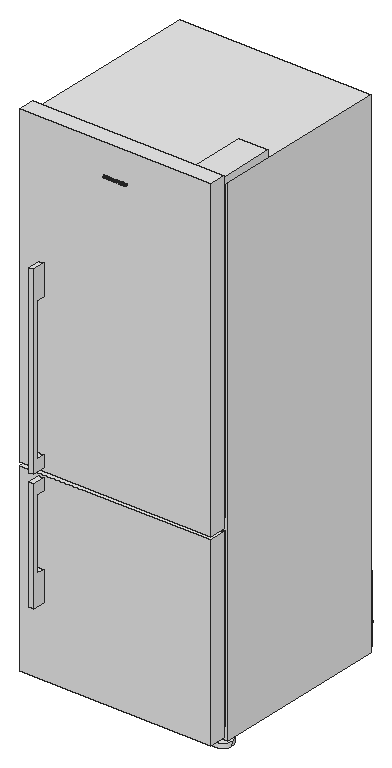
Revit family "Fisher & Paykel Fridge E402BRXFD4", category Generic Models, host Floor, Revit 2013
Parameters
  URL = "www.fisherpaykel.com"
  Model = "E402BRXFD4"
  Manufacturer = "Fisher&Paykel"
  Fridge = Fridge
  Designed by = "www.modlar.com"
  Description = "Fisher&Paykel Fridge E402BRXFD4"
Reference planes
  plane 1 "Center (Front/Back)": y = 0
  plane 2: z = 0
  plane 3 "Center (Left/Right)": x = 0
Dimensions and locks
  equal spacing: host sketch curve, plane 1 "Center (Front/Back)", host sketch curve
  equal spacing: host sketch curve, plane 3 "Center (Left/Right)", host sketch curve
  host sketch curve to host sketch curve = 3048.000 mm  (x2)
  nested 1 to level = 1688.000 mm
  aligned and locked: level to plane 2
Nested families
  nested 1: "E402BLRXFD4" at (0, 0, 0), type "E402BLRXFD4"
Definition of nested family "E402BLRXFD4"
  Parameters (values of type "E402BLRXFD4")
    Width = 635.000 mm
    URL = "www.fisherpaykel.com"
    Manufacturer = "Fisher&Paykel"
    Fridge = Fridge
    Model = "E402BLXFDU4"
    Height = 1715.000 mm
    Description = "Fisher&Paykel Fridge E402BLXFDU4"
    Depth = 665.000 mm
  Reference planes
    plane 1 "Center (Front/Back)": y = 0
    plane 2: z = 0
    plane 3 "Center (Left/Right)": x = 0
    plane 4: x = -317.5
    plane 5: y = 332.5
    plane 6: y = -332.5
    plane 7: x = 317.5
    plane 8: z = 1715
    plane 9: y = -277.5
    plane 10: z = 24
    plane 11: z = 41
    plane 12: z = 629
    plane 13: z = 639
    plane 14: y = -373.5
    plane 15: x = -254.138
    plane 16: x = -239.5
    plane 17: z = 1283.576
    plane 18: z = 648
    plane 19: z = 619
    plane 20: z = 246
    plane 21: z = 1688
    plane 22: y = -107.5
    plane 23: x = 316.5
    plane 24: y = 362.5
    plane 25: z = 255
    plane 26: z = 225
    plane 27: x = -297.5
    plane 28: x = 297.5
    plane 29: z = 85
    plane 30: x = 280
    plane 31: y = 382.5
    plane 32: z = 1709.5
    plane 33: z = 1688
    plane 34: y = -262.3
    plane 35: x = -309.7
    plane 36: x = 309.7
    plane 37: z = 1682.5
    plane 38: z = 686.5
    plane 39: z = 649
    plane 40: z = 63
    plane 41: z = 14
    plane 42: y = -215.5
    plane 43: y = -164.5
    plane 44: x = 283
    plane 45: z = 1610
    plane 46: x = 87.062
    plane 47: z = 1247.676
    plane 48 "Ice": y = -277.7
    plane 49: y = -243.577
    plane 50: y = -174.677
    plane 51: y = 266.823
  Forms (mm)
    Extrusion 1, solid, material "Fridge" <- "Fridge"
      sketch origin (0, 0, 0) x (1, 0, 0) y (0, 1, 0)
        loop
          line (-317, 332.5) -> (-317, -262.3) -> (317, -262.3) -> (317, 332.5) -> (-317, 332.5)
      from 24 to 1688
    Extrusion 2, solid, material "Fridge" <- "Fridge"
      sketch origin (0, 0, 0) x (1, 0, 0) y (0, 0, 1)
        loop
          line (-317.5, 41) -> (317.5, 41) -> (317.5, 653) -> (-317.5, 653) -> (-317.5, 41)
        loop
          line (-317.5, 663) -> (317.5, 663) -> (317.5, 1715) -> (-317.5, 1715) -> (-317.5, 663)
      from 277.5 to 332.5
    Extrusion 3, solid, material "Fridge" <- "Fridge"
      sketch origin (0.362, 0, 0) x (0, 1, 0) y (0, 0, 1)
        loop
          line (-373.5, 1283.576) -> (-373.5, 672.5) -> (-332.5, 672.5) -> (-332.5, 712.5) -> (-359.031, 712.5) -> (-359.031, 1183.576) -> (-332.5, 1183.576) -> (-332.5, 1283.576) -> (-373.5, 1283.576)
        loop
          line (-373.5, 643.5) -> (-373.5, 270.5) -> (-332.5, 270.5) -> (-332.5, 370.5) -> (-359.031, 370.5) -> (-359.031, 603.5) -> (-332.5, 603.5) -> (-332.5, 643.5) -> (-373.5, 643.5)
      from -254.5 to -239.5
    Extrusion 4, solid, material "Fridge" <- "Fridge"
      sketch origin (0, 0, 0) x (0, 1, 0) y (0, 0, 1)
        loop
          line (362.5, 24) -> (362.5, 248.611) -> (332.5, 278.611) -> (332.5, 24) -> (362.5, 24)
      from -297 to 297
    Extrusion 5, solid, material "Fridge" <- "Fridge"
      sketch origin (0, 0, 0) x (0, 1, 0) y (0, 0, 1)
        loop
          line (-277.5, 62.25) -> (-262.3, 62.25) -> (-262.3, 648.25) -> (-277.5, 648.25) -> (-277.5, 62.25)
        loop
          line (-277.5, 685.5) -> (-262.3, 685.5) -> (-262.3, 1682.4) -> (-277.5, 1682.4) -> (-277.5, 685.5)
      from -309.7 to 309.7
    Extrusion 6, solid, material "Fridge" <- "Fridge"
      sketch origin (0, -15.277, 0) x (1, 0, 0) y (0, 1, 0)
        loop
          circle (-288, -228.3) r 5
        loop
          circle (288, -228.3) r 5
      from 14 to 24
    Extrusion 7, solid, material "Fridge" <- "Fridge"
      sketch origin (0, -15.381, 0) x (1, 0, 0) y (0, 1, 0)
        loop
          circle (-288, -228.3) r 30
        loop
          circle (288, -228.3) r 30
      from 0 to 14
    Extrusion 8, solid, material "Fridge" <- "Fridge"
      sketch origin (0, -2.38, 0.038) x (0, 1, 0) y (0, 0, 1)
        loop
          line (-148.297, 24) -> (-196.297, 24)
          arc (-196.297, 24) -> (-172.297, 0) -> (-148.297, 24) r 24
        loop
          arc (245.203, 24) -> (269.203, 0) -> (293.203, 24) r 24
          line (293.203, 24) -> (245.203, 24)
      from 248 to 265
    Extrusion 9, solid, material "Fridge" <- "Fridge"
      sketch origin (0, -2.342, 0) x (0, 1, 0) y (0, 0, -1)
        loop
          arc (-148.335, -24) -> (-172.335, 0) -> (-196.335, -24) r 24
          line (-196.335, -24) -> (-148.335, -24)
        loop
          line (245.165, -24) -> (293.165, -24)
          arc (293.165, -24) -> (269.165, 0) -> (245.165, -24) r 24
      from 248 to 265
    Extrusion 10, solid, material "Fridge" <- "Fridge"
      sketch origin (0, 0, 0) x (1, 0, 0) y (0, 1, 0)
        loop
          line (218.9, -92.5) -> (218.9, -277.5) -> (315.9, -277.5) -> (315.9, -92.5) -> (218.9, -92.5)
      from 1688 to 1709.5
    Extrusion 11, solid, material "Fridge" <- "Fridge"
      sketch origin (-0.486, 0, 0) x (1, 0, 0) y (0, 0, 1)
        loop
          circle (280, 85) r 5
      from -362.5 to -382.5
  Dimensions and locks
    equal spacing: plane 4, plane 3 "Center (Left/Right)", plane 7
    equal spacing: plane 5, plane 1 "Center (Front/Back)", plane 6
    "Depth": plane 5 to plane 6
    "Width": plane 4 to plane 7
    "Height": plane 8 to level
    plane 13 to plane 12 to plane 11 to plane 10 to level = 10.000 mm, 588.000 mm, 17.000 mm, 24.000 mm
    plane 14 to plane 6 = 41.000 mm
    plane 4 to plane 15 to plane 16 = 63.362 mm, 14.638 mm
    plane 21 to level = 1688.000 mm
    plane 22 to plane 9 = 170.000 mm
    plane 23 to plane 7 = 1.000 mm
    plane 24 to plane 6 = 695.000 mm
    level to plane 26 to plane 25 = 225.000 mm, 30.000 mm
    plane 4 to plane 27 = 20.000 mm
    plane 7 to plane 28 = 20.000 mm
    plane 29 to plane 10 = 61.000 mm
    plane 30 to plane 28 = 17.500 mm
    plane 31 to plane 24 = 20.000 mm
    plane 8 to plane 32 to plane 33 = 5.500 mm, 21.500 mm
    plane 34 to plane 9 = 15.200 mm
    plane 4 to plane 35 = 7.800 mm
    plane 7 to plane 36 = 7.800 mm
    plane 21 to plane 37 to plane 38 to plane 39 to plane 40 = 5.500 mm, 996.000 mm, 37.500 mm, 586.000 mm
    plane 10 to plane 41 = 10.000 mm
    plane 42 to plane 34 = 46.800 mm
    plane 6 to plane 9 to plane 34 = 55.000 mm, 15.200 mm
    plane 34 to plane 5 = 594.800 mm
    plane 20 to level = 246.000 mm
    plane 19 to level = 619.000 mm
    plane 12 to level = 629.000 mm
    plane 13 to level = 639.000 mm
    level to plane 18 = 648.000 mm
    level to plane 17 = 1283.576 mm
    plane 8 to plane 45 = 105.000 mm
    plane 4 to plane 15 = 63.362 mm
    plane 46 to Extrusion 2 = 404.562 mm
    plane 8 to plane 17 = 431.424 mm
    Extrusion 3 to Extrusion 3 = 611.076 mm
    Extrusion 3 to Extrusion 3 = 373.000 mm
    Extrusion 3 sketch curve to Extrusion 3 sketch curve = 100.000 mm
    Extrusion 2 to plane 47 = 467.324 mm
    plane 51 to plane 50 to plane 49 = 441.500 mm, 68.900 mm locked
    aligned and locked: plane 2 to level
    aligned and locked: Extrusion 1 sketch curve to plane 5
    aligned and locked: Extrusion 1 to plane 10
    aligned and locked: Extrusion 2 sketch curve to plane 11
    aligned and locked: Extrusion 2 sketch curve to plane 4  (x2)
    aligned and locked: Extrusion 2 sketch curve to plane 7
    aligned and locked: plane 14 to Extrusion 3 sketch curve  (x2)
    aligned and locked: Extrusion 3 sketch curve to plane 6  (x2)
    aligned and locked: plane 21 to Extrusion 1
    aligned and locked: Extrusion 2 sketch curve to plane 8
    aligned and locked: plane 24 to Extrusion 4 sketch curve
    aligned and locked: plane 10 to Extrusion 4 sketch curve
    aligned and locked: plane 5 to Extrusion 4 sketch curve
    aligned and locked: Extrusion 1 sketch curve to plane 34
    aligned and locked: plane 9 to Extrusion 5 sketch curve  (x2)
    aligned and locked: Extrusion 5 sketch curve to plane 34  (x2)
    aligned and locked: Extrusion 6 to Extrusion 1
    aligned and locked: plane 41 to Extrusion 6
    aligned and locked: Extrusion 7 to level
    aligned and locked: Extrusion 7 to Extrusion 6
    aligned and locked: plane 6 to Extrusion 2
    aligned and locked: Extrusion 10 to Extrusion 1
  Automatic sketch dimensions
    plane 4 to Extrusion 1 sketch curve = 0.500 mm
    plane 7 to Extrusion 1 sketch curve = 0.500 mm
    plane 7 to Extrusion 2 sketch curve = 0.000 mm
    Extrusion 2 sketch curve to plane 39 = 4.000 mm
    Extrusion 2 sketch curve to Extrusion 2 sketch curve = 10.000 mm
    Extrusion 3 sketch curve to plane 6 = 0.000 mm  (x2)
    plane 17 to Extrusion 3 sketch curve = 0.000 mm
    plane 14 to Extrusion 3 sketch curve = 14.469 mm  (x2)
    Extrusion 3 sketch curve to plane 38 = 26.000 mm
    plane 38 to Extrusion 3 sketch curve = 14.000 mm
    plane 13 to Extrusion 3 sketch curve = 4.500 mm
    plane 19 to Extrusion 3 sketch curve = 15.500 mm
    Extrusion 3 sketch curve to plane 25 = 115.500 mm
    Extrusion 3 sketch curve to plane 25 = 15.500 mm
    Extrusion 4 sketch curve to plane 20 = 2.611 mm
    Extrusion 4 sketch curve to plane 25 = 23.611 mm
    plane 40 to Extrusion 5 sketch curve = 0.750 mm
    Extrusion 5 sketch curve to plane 18 = 0.250 mm
    plane 38 to Extrusion 5 sketch curve = 1.000 mm
    plane 37 to Extrusion 5 sketch curve = 0.100 mm
    plane 49 to Extrusion 6 sketch curve = 0.000 mm  (x2)
    plane 27 to Extrusion 6 sketch curve = 9.500 mm
    plane 44 to Extrusion 6 sketch curve = 5.000 mm
    plane 49 to Extrusion 7 sketch curve = 0.104 mm  (x2)
    plane 27 to Extrusion 7 sketch curve = 9.500 mm
    plane 44 to Extrusion 7 sketch curve = 5.000 mm
    plane 10 to Extrusion 8 sketch curve = 0.038 mm  (x2)
    Extrusion 8 sketch curve to plane 42 = 16.823 mm
    Extrusion 8 sketch curve to plane 50 = 0.000 mm
    Extrusion 8 sketch curve to plane 51 = 0.000 mm
    plane 51 to Extrusion 8 sketch curve = 24.000 mm
    Extrusion 9 sketch curve to plane 10 = 0.000 mm  (x2)
    Extrusion 9 sketch curve to plane 42 = 16.823 mm
    Extrusion 9 sketch curve to plane 50 = 0.000 mm
    Extrusion 9 sketch curve to plane 51 = 0.000 mm
    plane 51 to Extrusion 9 sketch curve = 24.000 mm
    plane 9 to Extrusion 10 sketch curve = 0.000 mm
    Extrusion 10 sketch curve to plane 30 = 61.100 mm
    plane 22 to Extrusion 10 sketch curve = 15.000 mm
    Extrusion 10 sketch curve to plane 23 = 0.600 mm
    Extrusion 11 sketch curve to plane 29 = 0.000 mm
    Extrusion 11 sketch curve to plane 30 = 0.486 mm
    radius of Extrusion 6 sketch curve = 5.000 mm  (x2)
    radius of Extrusion 7 sketch curve = 30.000 mm  (x2)
    radius of Extrusion 11 sketch curve = 5.000 mm
  Nested families
    nested 1: "FP_logo80mm" at (-0.05, -332.5, 1610) x (1, 0, 0) z (0, -1, 0), type "FP_logo80mm"
  Definition of nested family "FP_logo80mm"
    Parameters (values of type "FP_logo80mm")
      thickness = 0.519 mm
      LOGO = logo
      Default Elevation = 1219.200 mm
    Reference planes
      plane 1 "Center (Front/Back)": y = 0
      plane 2: z = 0
      plane 3 "Center (Left/Right)": x = 0
      plane 4: x = -40
      plane 5: x = 40
    Forms (mm)
      Extrusion 1, solid
        sketch origin (0, 0, 0) x (1, 0, 0) y (0, 1, 0)
          loop
            line (-1219.2, 1219.2) -> (-1219.2, -1219.2) -> (1219.2, -1219.2) -> (1219.2, 1219.2) -> (-1219.2, 1219.2)
        from 0 to -304.8
      Extrusion 2, solid, material "logo" <- "LOGO"
        sketch origin (0, 0, 0) x (1, 0, 0) y (0, 1, 0)
          loop
            line (-39.973, 0) -> (-38.149, 0) -> (-37.324, 3.12) -> (-33.095, 3.12) -> (-32.769, 4.326) -> (-36.997, 4.326) -> (-36.455, 6.388) -> (-31.999, 6.388) -> (-31.672, 7.594) -> (-37.95, 7.594) -> (-39.973, 0)
          loop
            line (-33.174, 0) -> (-31.565, 0) -> (-30.155, 5.317) -> (-31.766, 5.317) -> (-33.174, 0)
          loop
            line (-31.153, 7.594) -> (-31.452, 6.503) -> (-29.842, 6.503) -> (-29.544, 7.594) -> (-31.153, 7.594)
          loop
            arc (-21.859, 3.41) -> (-20.516, 4.334) -> (-19.01, 3.711) r 1.707
            line (-19.01, 3.711) -> (-19.991, 0) -> (-18.382, 0) -> (-17.426, 3.618)
            arc (-17.426, 3.618) -> (-17.311, 4.103) -> (-17.426, 4.587) r 1.08
            arc (-17.426, 4.587) -> (-19.536, 5.409) -> (-21.585, 4.441) r 2.865
            line (-21.585, 4.441) -> (-20.746, 7.594) -> (-22.354, 7.594) -> (-24.375, 0) -> (-22.766, 0) -> (-21.859, 3.41)
          loop
            arc (-24.147, 3.86) -> (-24.152, 4.809) -> (-24.955, 5.317) r 0.989
            arc (-24.955, 5.317) -> (-26.921, 5.544) -> (-28.852, 5.113) r 5.952
            arc (-28.852, 5.113) -> (-29.51, 4.665) -> (-29.925, 3.985) r 1.892
            arc (-29.925, 3.985) -> (-29.93, 2.873) -> (-28.984, 2.287) r 1.139
            line (-28.984, 2.287) -> (-26.851, 2.194)
            arc (-26.851, 2.194) -> (-26.315, 1.457) -> (-26.993, 0.846) r 0.681
            line (-26.993, 0.846) -> (-28.246, 0.846)
            arc (-28.246, 0.846) -> (-28.752, 1.017) -> (-28.974, 1.502) r 0.672
            line (-28.974, 1.502) -> (-30.625, 1.526)
            arc (-30.625, 1.526) -> (-30.634, 0.738) -> (-30.121, 0.141) r 1.115
            arc (-30.121, 0.141) -> (-28.06, -0.087) -> (-26, 0.141) r 9.428
            arc (-26, 0.141) -> (-25.075, 0.727) -> (-24.489, 1.651) r 2.496
            arc (-24.489, 1.651) -> (-24.51, 2.62) -> (-25.339, 3.123) r 1.007
            line (-25.339, 3.123) -> (-27.936, 3.236)
            arc (-27.936, 3.236) -> (-28.346, 3.457) -> (-28.426, 3.915) r 0.534
            arc (-28.426, 3.915) -> (-27.05, 4.513) -> (-25.7, 3.86) r 1.798
            line (-25.7, 3.86) -> (-24.147, 3.86)
          loop
            line (-11.007, 2.426) -> (-10.727, 3.991)
            arc (-10.727, 3.991) -> (-11.116, 4.929) -> (-12.053, 5.317) r 1.326
            line (-12.053, 5.317) -> (-14.377, 5.317)
            arc (-14.377, 5.317) -> (-17.024, 3.101) -> (-15.507, 0) r 2.8
            arc (-15.507, 0) -> (-13.123, 0.051) -> (-11.264, 1.545) r 3.705
            line (-11.264, 1.545) -> (-12.783, 1.704)
            arc (-12.783, 1.704) -> (-14.548, 0.858) -> (-15.72, 2.426) r 1.541
            line (-15.72, 2.426) -> (-11.007, 2.426)
          loop
            line (-15.279, 3.222) -> (-12.375, 3.222)
            arc (-12.375, 3.222) -> (-13.827, 4.4) -> (-15.279, 3.222) r 1.484
          loop
            line (-10.979, 0) -> (-9.368, 0) -> (-8.545, 3.13)
            arc (-8.545, 3.13) -> (-7.593, 4.145) -> (-6.522, 3.257) r 1.015
            line (-6.522, 3.257) -> (-5.013, 3.257)
            arc (-5.013, 3.257) -> (-4.831, 4.255) -> (-5.224, 5.189) r 1.778
            arc (-5.224, 5.189) -> (-6.913, 5.358) -> (-8.325, 4.416) r 2.516
            line (-8.325, 4.416) -> (-7.961, 5.317) -> (-9.57, 5.317) -> (-10.979, 0)
          loop
            line (1.496, 3.051) -> (1.247, 2.119) -> (-0.805, 3.782)
            arc (-0.805, 3.782) -> (0.502, 3.925) -> (1.741, 4.363) r 5.69
            arc (1.741, 4.363) -> (2.199, 5.036) -> (2.337, 5.838) r 1.914
            arc (2.337, 5.838) -> (2.124, 6.385) -> (1.623, 6.689) r 0.914
            arc (1.623, 6.689) -> (0.05, 6.862) -> (-1.522, 6.689) r 7.232
            arc (-1.522, 6.689) -> (-2.247, 6.331) -> (-2.726, 5.679) r 1.704
            arc (-2.726, 5.679) -> (-2.957, 4.751) -> (-2.433, 3.951) r 1.195
            arc (-2.433, 3.951) -> (-3.605, 3.599) -> (-4.496, 2.76) r 2.656
            line (-4.496, 2.76) -> (-4.868, 1.542)
            arc (-4.868, 1.542) -> (-4.563, 0.454) -> (-3.528, 0) r 1.321
            arc (-3.528, 0) -> (-1.911, -0.118) -> (-0.293, 0) r 11.162
            arc (-0.293, 0) -> (0.658, 0.288) -> (1.483, 0.841) r 3.362
            line (1.483, 0.841) -> (2.546, 0) -> (3.313, 0.589) -> (1.987, 1.517)
            arc (1.987, 1.517) -> (2.291, 2.263) -> (2.456, 3.051) r 4.421
            line (2.456, 3.051) -> (1.496, 3.051)
          loop
            line (0.858, 1.329) -> (-1.93, 3.55)
            arc (-1.93, 3.55) -> (-3.097, 3.251) -> (-3.67, 2.191) r 1.502
            arc (-3.67, 2.191) -> (-3.639, 1.098) -> (-2.689, 0.559) r 1.112
            arc (-2.689, 0.559) -> (-0.837, 0.579) -> (0.858, 1.329) r 4.604
          loop
            arc (9.287, 2.448) -> (10.862, 2.797) -> (12.142, 3.779) r 3.728
            arc (12.142, 3.779) -> (12.63, 5.046) -> (12.833, 6.388) r 6.271
            arc (12.833, 6.388) -> (12.012, 7.359) -> (10.762, 7.594) r 1.901
            line (10.762, 7.594) -> (5.721, 7.594) -> (3.7, 0) -> (5.522, 0) -> (6.177, 2.448) -> (9.287, 2.448)
          loop
            line (7.217, 6.388) -> (6.505, 3.7) -> (9.019, 3.7)
            arc (9.019, 3.7) -> (9.752, 3.81) -> (10.42, 4.13) r 2.5
            line (10.42, 4.13) -> (10.851, 5.315)
            arc (10.851, 5.315) -> (10.537, 6.074) -> (9.778, 6.388) r 1.073
            line (9.778, 6.388) -> (7.217, 6.388)
          loop
            arc (14.178, 3.779) -> (14.386, 4.281) -> (14.888, 4.489) r 0.71
            arc (14.888, 4.489) -> (15.608, 4.553) -> (16.327, 4.489) r 4.081
            arc (16.327, 4.489) -> (16.761, 4.143) -> (16.709, 3.59) r 0.584
            line (16.709, 3.59) -> (16.454, 2.634)
            arc (16.454, 2.634) -> (14.254, 3.318) -> (12.121, 2.448) r 3.413
            arc (12.121, 2.448) -> (11.689, 1.04) -> (12.731, 0) r 1.427
            arc (12.731, 0) -> (14.479, -0.029) -> (16.064, 0.709) r 3.9
            line (16.064, 0.709) -> (15.513, -0.079) -> (17.382, 0) -> (18.307, 3.473)
            arc (18.307, 3.473) -> (18.406, 4.484) -> (17.676, 5.192) r 1.171
            arc (17.676, 5.192) -> (15.894, 5.513) -> (14.094, 5.317) r 6.337
            arc (14.094, 5.317) -> (13.178, 4.696) -> (12.556, 3.779) r 2.937
            line (12.556, 3.779) -> (14.178, 3.779)
          loop
            line (19.502, 0) -> (20.518, 0)
            arc (20.518, 0) -> (19.648, -1.072) -> (18.307, -1.401) r 2.165
            line (18.307, -1.401) -> (18.051, -2.334)
            arc (18.051, -2.334) -> (20.306, -2.036) -> (21.81, -0.331) r 3.242
            line (21.81, -0.331) -> (25.057, 5.317) -> (23.391, 5.317) -> (20.897, 0.831) -> (20.443, 5.317) -> (18.735, 5.317) -> (19.502, 0)
          loop
            line (26.487, 3.246) -> (27.638, 7.594) -> (26.03, 7.594) -> (24.008, 0) -> (25.618, 0) -> (26.243, 2.356) -> (28.165, 0) -> (30.144, 0) -> (28.11, 2.812) -> (31.085, 5.317) -> (29.234, 5.317) -> (26.487, 3.246)
          loop
            line (38.418, 7.594) -> (36.396, 0) -> (38.006, 0) -> (40.027, 7.594) -> (38.418, 7.594)
          loop
            line (36.424, 2.426) -> (36.704, 3.991)
            arc (36.704, 3.991) -> (36.316, 4.929) -> (35.378, 5.317) r 1.326
            line (35.378, 5.317) -> (33.054, 5.317)
            arc (33.054, 5.317) -> (30.407, 3.101) -> (31.924, 0) r 2.8
            arc (31.924, 0) -> (34.308, 0.051) -> (36.168, 1.545) r 3.705
            line (36.168, 1.545) -> (34.649, 1.704)
            arc (34.649, 1.704) -> (32.884, 0.858) -> (31.712, 2.426) r 1.541
            line (31.712, 2.426) -> (36.424, 2.426)
          loop
            line (32.153, 3.222) -> (35.057, 3.222)
            arc (35.057, 3.222) -> (33.605, 4.4) -> (32.153, 3.222) r 1.484
          loop
            arc (-1.277, 4.164) -> (0.093, 4.363) -> (1.244, 5.131) r 3.139
            arc (1.244, 5.131) -> (1.322, 5.648) -> (1.056, 6.098) r 0.779
            arc (1.056, 6.098) -> (-0.009, 6.236) -> (-1.073, 6.098) r 4.172
            arc (-1.073, 6.098) -> (-2.001, 5.218) -> (-1.277, 4.164) r 0.984
          loop
            spline (12.885, 1.386) -> (12.958, 1.19) -> (13.135, 1.017) -> (13.405, 0.878) -> (13.749, 0.784) -> (14.143, 0.74) -> (14.562, 0.75) -> (14.976, 0.813) -> (15.357, 0.925) -> (15.68, 1.077) -> (15.921, 1.261) -> (16.066, 1.462) -> (16.103, 1.668)
            spline (16.103, 1.668) -> (16.03, 1.864) -> (15.853, 2.038) -> (15.584, 2.176) -> (15.24, 2.27) -> (14.845, 2.314) -> (14.426, 2.304) -> (14.012, 2.241) -> (13.631, 2.13) -> (13.308, 1.977) -> (13.067, 1.794) -> (12.923, 1.592) -> (12.885, 1.386)
        from 0 to 0.519
    Dimensions and locks
      "thickness": Extrusion 2 to plane 2
      equal spacing: plane 4, plane 3 "Center (Left/Right)", plane 5
      plane 4 to plane 5 = 80.000 mm
      aligned and locked: plane 2 to Extrusion 1
      aligned and locked: level to Extrusion 1
    Automatic sketch dimensions
      Extrusion 1 sketch curve to Extrusion 1 sketch curve = 2438.400 mm  (x2)
      plane 1 "Center (Front/Back)" to Extrusion 2 sketch curve = 0.000 mm  (x19)
      plane 4 to Extrusion 2 sketch curve = 0.027 mm
      plane 1 "Center (Front/Back)" to Extrusion 2 sketch curve = 2.334 mm
      Extrusion 2 sketch curve to Extrusion 2 sketch curve = 1.823 mm
      plane 4 to Extrusion 2 sketch curve = 2.050 mm
      plane 4 to Extrusion 2 sketch curve = 2.676 mm
      Extrusion 2 sketch curve to Extrusion 2 sketch curve = 0.327 mm  (x2)
      Extrusion 2 sketch curve to Extrusion 2 sketch curve = 1.495 mm
      Extrusion 2 sketch curve to Extrusion 2 sketch curve = 4.975 mm
      Extrusion 2 sketch curve to Extrusion 2 sketch curve = 0.079 mm
      Extrusion 2 sketch curve to Extrusion 2 sketch curve = 0.326 mm
      Extrusion 2 sketch curve to Extrusion 2 sketch curve = 0.770 mm
      Extrusion 2 sketch curve to Extrusion 2 sketch curve = 0.233 mm
      Extrusion 2 sketch curve to Extrusion 2 sketch curve = 1.609 mm  (x3)
      Extrusion 2 sketch curve to Extrusion 2 sketch curve = 0.548 mm
      Extrusion 2 sketch curve to Extrusion 2 sketch curve = 0.520 mm
      Extrusion 2 sketch curve to plane 1 "Center (Front/Back)" = 1.526 mm
      Extrusion 2 sketch curve to Extrusion 2 sketch curve = 0.941 mm
      Extrusion 2 sketch curve to Extrusion 2 sketch curve = 1.611 mm  (x2)
      Extrusion 2 sketch curve to Extrusion 2 sketch curve = 0.313 mm
      Extrusion 2 sketch curve to Extrusion 2 sketch curve = 0.298 mm
      Extrusion 2 sketch curve to plane 1 "Center (Front/Back)" = 2.287 mm
      Extrusion 2 sketch curve to Extrusion 2 sketch curve = 1.641 mm
      Extrusion 2 sketch curve to plane 1 "Center (Front/Back)" = 1.502 mm
      Extrusion 2 sketch curve to Extrusion 2 sketch curve = 0.009 mm
      Extrusion 2 sketch curve to Extrusion 2 sketch curve = 0.728 mm
      Extrusion 2 sketch curve to plane 1 "Center (Front/Back)" = 3.236 mm
      Extrusion 2 sketch curve to Extrusion 2 sketch curve = 1.048 mm
      Extrusion 2 sketch curve to Extrusion 2 sketch curve = 1.253 mm  (x2)
      Extrusion 2 sketch curve to plane 1 "Center (Front/Back)" = 2.194 mm
      Extrusion 2 sketch curve to Extrusion 2 sketch curve = 0.142 mm
      Extrusion 2 sketch curve to Extrusion 2 sketch curve = 1.152 mm
      Extrusion 2 sketch curve to plane 1 "Center (Front/Back)" = 3.123 mm
      Extrusion 2 sketch curve to Extrusion 2 sketch curve = 0.361 mm
      Extrusion 2 sketch curve to Extrusion 2 sketch curve = 2.618 mm
      Extrusion 2 sketch curve to Extrusion 2 sketch curve = 1.192 mm
      Extrusion 2 sketch curve to plane 1 "Center (Front/Back)" = 7.594 mm
      Extrusion 2 sketch curve to Extrusion 2 sketch curve = 1.793 mm
      Extrusion 2 sketch curve to plane 1 "Center (Front/Back)" = 3.410 mm
      Extrusion 2 sketch curve to Extrusion 2 sketch curve = 2.288 mm
      Extrusion 2 sketch curve to plane 1 "Center (Front/Back)" = 4.441 mm
      Extrusion 2 sketch curve to Extrusion 2 sketch curve = 0.274 mm
      Extrusion 2 sketch curve to Extrusion 2 sketch curve = 1.608 mm  (x2)
      Extrusion 2 sketch curve to Extrusion 2 sketch curve = 2.776 mm
      Extrusion 2 sketch curve to plane 1 "Center (Front/Back)" = 3.711 mm
      Extrusion 2 sketch curve to Extrusion 2 sketch curve = 2.574 mm
      Extrusion 2 sketch curve to plane 1 "Center (Front/Back)" = 3.618 mm
      Extrusion 2 sketch curve to Extrusion 2 sketch curve = 1.584 mm
      Extrusion 2 sketch curve to Extrusion 2 sketch curve = 1.706 mm
      Extrusion 2 sketch curve to Extrusion 2 sketch curve = 0.441 mm  (x2)
      Extrusion 2 sketch curve to Extrusion 2 sketch curve = 0.902 mm
      Extrusion 2 sketch curve to plane 1 "Center (Front/Back)" = 1.704 mm  (x2)
      Extrusion 2 sketch curve to Extrusion 2 sketch curve = 2.496 mm  (x2)
      Extrusion 2 sketch curve to Extrusion 2 sketch curve = 0.408 mm  (x3)
      Extrusion 2 sketch curve to Extrusion 2 sketch curve = 0.322 mm  (x2)
      Extrusion 2 sketch curve to plane 1 "Center (Front/Back)" = 1.545 mm  (x2)
      Extrusion 2 sketch curve to Extrusion 2 sketch curve = 1.519 mm  (x2)
      Extrusion 2 sketch curve to Extrusion 2 sketch curve = 0.257 mm  (x2)
      Extrusion 2 sketch curve to Extrusion 2 sketch curve = 0.285 mm
      Extrusion 2 sketch curve to plane 1 "Center (Front/Back)" = 3.991 mm
      Extrusion 2 sketch curve to Extrusion 2 sketch curve = 1.326 mm  (x2)
      Extrusion 2 sketch curve to Extrusion 2 sketch curve = 1.157 mm
      Extrusion 2 sketch curve to plane 1 "Center (Front/Back)" = 3.130 mm
      Extrusion 2 sketch curve to Extrusion 2 sketch curve = 2.183 mm
      Extrusion 2 sketch curve to plane 1 "Center (Front/Back)" = 4.416 mm
      Extrusion 2 sketch curve to Extrusion 2 sketch curve = 0.219 mm
      Extrusion 2 sketch curve to Extrusion 2 sketch curve = 0.364 mm
      Extrusion 2 sketch curve to Extrusion 2 sketch curve = 2.023 mm
      Extrusion 2 sketch curve to Extrusion 2 sketch curve = 1.509 mm
      Extrusion 2 sketch curve to plane 1 "Center (Front/Back)" = 1.542 mm
      Extrusion 2 sketch curve to Extrusion 2 sketch curve = 0.145 mm
      Extrusion 2 sketch curve to Extrusion 2 sketch curve = 0.517 mm
      Extrusion 2 sketch curve to plane 3 "Center (Left/Right)" = 1.930 mm
      Extrusion 2 sketch curve to plane 3 "Center (Left/Right)" = 0.805 mm
      plane 3 "Center (Left/Right)" to Extrusion 2 sketch curve = 0.858 mm
      Extrusion 2 sketch curve to Extrusion 2 sketch curve = 0.389 mm
      Extrusion 2 sketch curve to Extrusion 2 sketch curve = 0.625 mm  (x2)
      Extrusion 2 sketch curve to Extrusion 2 sketch curve = 0.249 mm
      Extrusion 2 sketch curve to Extrusion 2 sketch curve = 0.504 mm
      Extrusion 2 sketch curve to Extrusion 2 sketch curve = 0.959 mm
      Extrusion 2 sketch curve to Extrusion 2 sketch curve = 1.063 mm
      Extrusion 2 sketch curve to plane 1 "Center (Front/Back)" = 0.589 mm
      Extrusion 2 sketch curve to Extrusion 2 sketch curve = 0.766 mm
      Extrusion 2 sketch curve to Extrusion 2 sketch curve = 0.388 mm
      Extrusion 2 sketch curve to Extrusion 2 sketch curve = 1.821 mm
      Extrusion 2 sketch curve to Extrusion 2 sketch curve = 3.265 mm
      Extrusion 2 sketch curve to Extrusion 2 sketch curve = 0.655 mm
      Extrusion 2 sketch curve to Extrusion 2 sketch curve = 0.328 mm
      Extrusion 2 sketch curve to Extrusion 2 sketch curve = 1.496 mm
      Extrusion 2 sketch curve to Extrusion 2 sketch curve = 2.514 mm
      Extrusion 2 sketch curve to Extrusion 2 sketch curve = 0.267 mm
      Extrusion 2 sketch curve to Extrusion 2 sketch curve = 0.492 mm
      Extrusion 2 sketch curve to plane 1 "Center (Front/Back)" = 4.130 mm
      Extrusion 2 sketch curve to Extrusion 2 sketch curve = 0.642 mm
      Extrusion 2 sketch curve to Extrusion 2 sketch curve = 0.983 mm
      Extrusion 2 sketch curve to plane 1 "Center (Front/Back)" = 5.315 mm
      Extrusion 2 sketch curve to Extrusion 2 sketch curve = 1.073 mm
      Extrusion 2 sketch curve to Extrusion 2 sketch curve = 2.136 mm
      Extrusion 2 sketch curve to Extrusion 2 sketch curve = 1.622 mm
      plane 1 "Center (Front/Back)" to Extrusion 2 sketch curve = 0.079 mm
      Extrusion 2 sketch curve to Extrusion 2 sketch curve = 1.335 mm
      Extrusion 2 sketch curve to plane 1 "Center (Front/Back)" = 0.709 mm
      Extrusion 2 sketch curve to Extrusion 2 sketch curve = 0.551 mm
      Extrusion 2 sketch curve to plane 1 "Center (Front/Back)" = 2.634 mm
      Extrusion 2 sketch curve to Extrusion 2 sketch curve = 0.390 mm
      Extrusion 2 sketch curve to plane 1 "Center (Front/Back)" = 3.590 mm
      Extrusion 2 sketch curve to Extrusion 2 sketch curve = 0.255 mm
      Extrusion 2 sketch curve to Extrusion 2 sketch curve = 1.318 mm
      Extrusion 2 sketch curve to Extrusion 2 sketch curve = 0.669 mm
      Extrusion 2 sketch curve to plane 1 "Center (Front/Back)" = 3.473 mm
      Extrusion 2 sketch curve to Extrusion 2 sketch curve = 1.598 mm
      plane 1 "Center (Front/Back)" to Extrusion 2 sketch curve = 1.401 mm
      Extrusion 2 sketch curve to Extrusion 2 sketch curve = 0.256 mm
      Extrusion 2 sketch curve to Extrusion 2 sketch curve = 0.428 mm
      Extrusion 2 sketch curve to Extrusion 2 sketch curve = 1.195 mm
      Extrusion 2 sketch curve to plane 1 "Center (Front/Back)" = 5.317 mm  (x3)
      Extrusion 2 sketch curve to Extrusion 2 sketch curve = 1.708 mm
      Extrusion 2 sketch curve to Extrusion 2 sketch curve = 1.016 mm
      Extrusion 2 sketch curve to plane 1 "Center (Front/Back)" = 0.831 mm
      Extrusion 2 sketch curve to Extrusion 2 sketch curve = 0.379 mm
      plane 1 "Center (Front/Back)" to Extrusion 2 sketch curve = 0.331 mm
      Extrusion 2 sketch curve to Extrusion 2 sketch curve = 1.292 mm
      Extrusion 2 sketch curve to Extrusion 2 sketch curve = 2.948 mm
      Extrusion 2 sketch curve to Extrusion 2 sketch curve = 2.198 mm
      Extrusion 2 sketch curve to Extrusion 2 sketch curve = 1.666 mm
      Extrusion 2 sketch curve to Extrusion 2 sketch curve = 1.610 mm  (x2)
      Extrusion 2 sketch curve to Extrusion 2 sketch curve = 0.973 mm
      Extrusion 2 sketch curve to plane 1 "Center (Front/Back)" = 2.356 mm
      Extrusion 2 sketch curve to plane 1 "Center (Front/Back)" = 3.246 mm
      Extrusion 2 sketch curve to Extrusion 2 sketch curve = 0.243 mm
      Extrusion 2 sketch curve to plane 1 "Center (Front/Back)" = 2.812 mm
      Extrusion 2 sketch curve to Extrusion 2 sketch curve = 1.623 mm
      Extrusion 2 sketch curve to Extrusion 2 sketch curve = 2.547 mm
      Extrusion 2 sketch curve to Extrusion 2 sketch curve = 1.124 mm
      Extrusion 2 sketch curve to Extrusion 2 sketch curve = 1.979 mm
      Extrusion 2 sketch curve to Extrusion 2 sketch curve = 1.851 mm
      Extrusion 2 sketch curve to Extrusion 2 sketch curve = 1.568 mm
      Extrusion 2 sketch curve to Extrusion 2 sketch curve = 1.969 mm
      Extrusion 2 sketch curve to Extrusion 2 sketch curve = 0.228 mm
      Extrusion 2 sketch curve to plane 5 = 1.582 mm
      plane 5 to Extrusion 2 sketch curve = 0.027 mm
      Extrusion 2 sketch curve to plane 1 "Center (Front/Back)" = 0.141 mm  (x2)
      Extrusion 2 sketch curve to Extrusion 2 sketch curve = 1.445 mm
      Extrusion 2 sketch curve to Extrusion 2 sketch curve = 0.230 mm
      Extrusion 2 sketch curve to Extrusion 2 sketch curve = 0.612 mm
      Extrusion 2 sketch curve to Extrusion 2 sketch curve = 0.998 mm
      Extrusion 2 sketch curve to Extrusion 2 sketch curve = 1.303 mm
      Extrusion 2 sketch curve to Extrusion 2 sketch curve = 0.000 mm  (x10)
      Extrusion 2 sketch curve to Extrusion 2 sketch curve = 0.508 mm
      Extrusion 2 sketch curve to Extrusion 2 sketch curve = 0.056 mm
      Extrusion 2 sketch curve to Extrusion 2 sketch curve = 0.203 mm
      Extrusion 2 sketch curve to Extrusion 2 sketch curve = 1.483 mm
      Extrusion 2 sketch curve to Extrusion 2 sketch curve = 0.226 mm
      Extrusion 2 sketch curve to Extrusion 2 sketch curve = 0.235 mm
      Extrusion 2 sketch curve to Extrusion 2 sketch curve = 0.012 mm
      plane 1 "Center (Front/Back)" to Extrusion 2 sketch curve = 0.400 mm
      Extrusion 2 sketch curve to Extrusion 2 sketch curve = 0.384 mm
      Extrusion 2 sketch curve to Extrusion 2 sketch curve = 0.044 mm
      Extrusion 2 sketch curve to Extrusion 2 sketch curve = 0.682 mm
      Extrusion 2 sketch curve to Extrusion 2 sketch curve = 0.063 mm
      Extrusion 2 sketch curve to Extrusion 2 sketch curve = 0.893 mm
      Extrusion 2 sketch curve to Extrusion 2 sketch curve = 1.327 mm
      Extrusion 2 sketch curve to Extrusion 2 sketch curve = 0.900 mm
      Extrusion 2 sketch curve to Extrusion 2 sketch curve = 0.619 mm
      Extrusion 2 sketch curve to Extrusion 2 sketch curve = 0.212 mm
      Extrusion 2 sketch curve to Extrusion 2 sketch curve = 0.563 mm  (x2)
      Extrusion 2 sketch curve to Extrusion 2 sketch curve = 0.459 mm  (x2)
      Extrusion 2 sketch curve to Extrusion 2 sketch curve = 0.106 mm  (x2)
      Extrusion 2 sketch curve to Extrusion 2 sketch curve = 1.015 mm
      Extrusion 2 sketch curve to Extrusion 2 sketch curve = 0.077 mm
      Extrusion 2 sketch curve to Extrusion 2 sketch curve = 0.217 mm
      Extrusion 2 sketch curve to Extrusion 2 sketch curve = 1.375 mm
      Extrusion 2 sketch curve to Extrusion 2 sketch curve = 0.826 mm
      Extrusion 2 sketch curve to Extrusion 2 sketch curve = 0.104 mm
      Extrusion 2 sketch curve to Extrusion 2 sketch curve = 0.038 mm
      Extrusion 2 sketch curve to Extrusion 2 sketch curve = 0.796 mm  (x2)
      Extrusion 2 sketch curve to Extrusion 2 sketch curve = 0.839 mm
      Extrusion 2 sketch curve to Extrusion 2 sketch curve = 0.880 mm
      Extrusion 2 sketch curve to Extrusion 2 sketch curve = 0.503 mm
      Extrusion 2 sketch curve to Extrusion 2 sketch curve = 0.513 mm
      Extrusion 2 sketch curve to Extrusion 2 sketch curve = 0.007 mm
      Extrusion 2 sketch curve to plane 3 "Center (Left/Right)" = 1.911 mm
      Extrusion 2 sketch curve to Extrusion 2 sketch curve = 0.913 mm  (x2)
      Extrusion 2 sketch curve to Extrusion 2 sketch curve = 0.034 mm
      Extrusion 2 sketch curve to plane 3 "Center (Left/Right)" = 1.522 mm
      Extrusion 2 sketch curve to Extrusion 2 sketch curve = 0.471 mm
      Extrusion 2 sketch curve to Extrusion 2 sketch curve = 0.627 mm
      Extrusion 2 sketch curve to Extrusion 2 sketch curve = 0.449 mm
      Extrusion 2 sketch curve to Extrusion 2 sketch curve = 0.491 mm
      Extrusion 2 sketch curve to Extrusion 2 sketch curve = 0.129 mm
      Extrusion 2 sketch curve to Extrusion 2 sketch curve = 0.025 mm
      Extrusion 2 sketch curve to plane 3 "Center (Left/Right)" = 0.763 mm
      Extrusion 2 sketch curve to plane 3 "Center (Left/Right)" = 0.009 mm
      plane 3 "Center (Left/Right)" to Extrusion 2 sketch curve = 0.050 mm
      plane 3 "Center (Left/Right)" to Extrusion 2 sketch curve = 0.425 mm
      Extrusion 2 sketch curve to Extrusion 2 sketch curve = 0.133 mm
      Extrusion 2 sketch curve to Extrusion 2 sketch curve = 0.631 mm
      Extrusion 2 sketch curve to Extrusion 2 sketch curve = 0.686 mm
      Extrusion 2 sketch curve to Extrusion 2 sketch curve = 0.368 mm
      Extrusion 2 sketch curve to Extrusion 2 sketch curve = 0.566 mm
      Extrusion 2 sketch curve to Extrusion 2 sketch curve = 0.497 mm
      Extrusion 2 sketch curve to Extrusion 2 sketch curve = 0.650 mm
      Extrusion 2 sketch curve to Extrusion 2 sketch curve = 0.204 mm
      Extrusion 2 sketch curve to Extrusion 2 sketch curve = 0.436 mm
      Extrusion 2 sketch curve to Extrusion 2 sketch curve = 0.414 mm
      Extrusion 2 sketch curve to Extrusion 2 sketch curve = 0.610 mm
      Extrusion 2 sketch curve to Extrusion 2 sketch curve = 1.778 mm
      Extrusion 2 sketch curve to Extrusion 2 sketch curve = 0.765 mm
      Extrusion 2 sketch curve to Extrusion 2 sketch curve = 0.189 mm
      Extrusion 2 sketch curve to Extrusion 2 sketch curve = 0.510 mm
      Extrusion 2 sketch curve to Extrusion 2 sketch curve = 0.084 mm
      Extrusion 2 sketch curve to Extrusion 2 sketch curve = 1.420 mm
      Extrusion 2 sketch curve to Extrusion 2 sketch curve = 0.710 mm
      Extrusion 2 sketch curve to Extrusion 2 sketch curve = 1.199 mm
      Extrusion 2 sketch curve to Extrusion 2 sketch curve = 0.457 mm
      Extrusion 2 sketch curve to Extrusion 2 sketch curve = 0.160 mm
      Extrusion 2 sketch curve to Extrusion 2 sketch curve = 0.485 mm
      Extrusion 2 sketch curve to Extrusion 2 sketch curve = 0.103 mm
      Extrusion 2 sketch curve to Extrusion 2 sketch curve = 0.598 mm
      Extrusion 2 sketch curve to Extrusion 2 sketch curve = 1.059 mm
      Extrusion 2 sketch curve to plane 1 "Center (Front/Back)" = 0.757 mm
      Extrusion 2 sketch curve to Extrusion 2 sketch curve = 0.292 mm
      Extrusion 2 sketch curve to Extrusion 2 sketch curve = 1.780 mm
      Extrusion 2 sketch curve to plane 1 "Center (Front/Back)" = 0.841 mm
      Extrusion 2 sketch curve to plane 1 "Center (Front/Back)" = 0.846 mm
      Extrusion 2 sketch curve to Extrusion 2 sketch curve = 0.488 mm
      Extrusion 2 sketch curve to Extrusion 2 sketch curve = 0.677 mm
      Extrusion 2 sketch curve to Extrusion 2 sketch curve = 0.791 mm
      Extrusion 2 sketch curve to Extrusion 2 sketch curve = 0.881 mm  (x2)
      Extrusion 2 sketch curve to Extrusion 2 sketch curve = 1.682 mm
      Extrusion 2 sketch curve to Extrusion 2 sketch curve = 1.218 mm
      Extrusion 2 sketch curve to Extrusion 2 sketch curve = 0.932 mm
      Extrusion 2 sketch curve to Extrusion 2 sketch curve = 1.594 mm
      Extrusion 2 sketch curve to Extrusion 2 sketch curve = 1.517 mm
      Extrusion 2 sketch curve to Extrusion 2 sketch curve = 0.498 mm
      Extrusion 2 sketch curve to Extrusion 2 sketch curve = 0.006 mm  (x2)
      Extrusion 2 sketch curve to Extrusion 2 sketch curve = 0.456 mm
      Extrusion 2 sketch curve to Extrusion 2 sketch curve = 0.737 mm
      Extrusion 2 sketch curve to Extrusion 2 sketch curve = 1.566 mm
      Extrusion 2 sketch curve to Extrusion 2 sketch curve = 1.206 mm  (x2)
      Extrusion 2 sketch curve to Extrusion 2 sketch curve = 0.991 mm
      Extrusion 2 sketch curve to Extrusion 2 sketch curve = 0.901 mm
      Extrusion 2 sketch curve to Extrusion 2 sketch curve = 2.063 mm
      Extrusion 2 sketch curve to Extrusion 2 sketch curve = 0.115 mm
      Extrusion 2 sketch curve to Extrusion 2 sketch curve = 2.277 mm  (x2)
      Extrusion 2 sketch curve to Extrusion 2 sketch curve = 1.091 mm
      Extrusion 2 sketch curve to Extrusion 2 sketch curve = 0.741 mm
      plane 1 "Center (Front/Back)" to Extrusion 2 sketch curve = 0.370 mm
      Extrusion 2 sketch curve to plane 1 "Center (Front/Back)" = 0.559 mm
      Extrusion 2 sketch curve to Extrusion 2 sketch curve = 0.740 mm
      Extrusion 2 sketch curve to Extrusion 2 sketch curve = 0.001 mm
      Extrusion 2 sketch curve to plane 1 "Center (Front/Back)" = 1.651 mm
      Extrusion 2 sketch curve to Extrusion 2 sketch curve = 0.372 mm
      Extrusion 2 sketch curve to Extrusion 2 sketch curve = 0.735 mm
      Extrusion 2 sketch curve to Extrusion 2 sketch curve = 0.091 mm
      Extrusion 2 sketch curve to Extrusion 2 sketch curve = 0.223 mm
      Extrusion 2 sketch curve to Extrusion 2 sketch curve = 0.397 mm  (x2)
      Extrusion 2 sketch curve to Extrusion 2 sketch curve = 0.340 mm
      Extrusion 2 sketch curve to Extrusion 2 sketch curve = 0.124 mm
      Extrusion 2 sketch curve to Extrusion 2 sketch curve = 0.382 mm
      Extrusion 2 sketch curve to Extrusion 2 sketch curve = 1.312 mm
      Extrusion 2 sketch curve to Extrusion 2 sketch curve = 0.089 mm
      Extrusion 2 sketch curve to Extrusion 2 sketch curve = 0.666 mm
      Extrusion 2 sketch curve to Extrusion 2 sketch curve = 0.401 mm
      Extrusion 2 sketch curve to Extrusion 2 sketch curve = 1.747 mm
